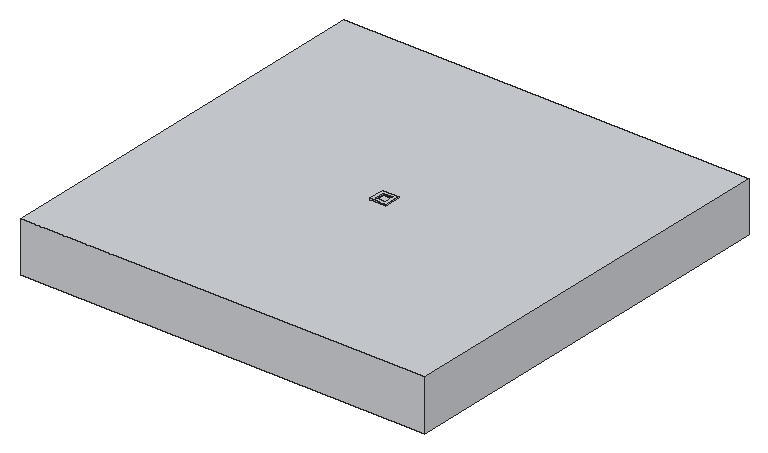
Revit family "Gira_0211112", category Elektroinstallationen, Revit 2017
Family settings
  Basisbauteil = Fläche
  Beschriftungsausrichtung beibehalten = Nein
  Bemaßung runder Anschluss = Durchmesser verwenden
  Teiletyp = Normal
  Beim Laden mit Abzugskörper schneiden = Nein
  Gemeinsam genutzt = Nein
  Raumberechnungspunkt = Nein
Parameters
  Werkstoffgüte = "Thermoplast"
  Werkstoff = "Kunststoff"
  URL = "https://www.gira.de/"
  Typname = "Abdeckrahmen 1f Flächenschalter Reinweiß"
  Transparent = no
  Textfeld/Beschriftungsfläche = no
  Schutzart (IP) = "IP20"
  RAL-Nummer (ähnlich) = 9010
  Produktseite = "http://katalog.gira.de/de_DE/datenblatt.html?artikelnr=0211112"
  Oberfläche = "sonstige"
  Montagerichtung = "horizontal und vertikal"
  Mit Montagerahmen = no
  Mit Klappdeckel = no
  Hersteller = "Gira"
  Halogenfrei = yes
  HAN = "0211112"
  Geeignet für Unterputz-Installation = yes
  Geeignet für Unterflurkanaldose = no
  Geeignet für Geräteeinbaukanal = no
  Geeignet für Einbauinstallation = no
  GTIN = "4010337043973"
  Farbe = "weiß"
  Datenblatt = "https://katalog.gira.de/de_DE/download.html?artikelnr=0211112"
  Beschreibung = "Abdeckrahmen Gira Flächenschalter Reinweiß glänzend 1fach Merkmale: - Bruchsicher.  Hinweise : - In Verbindung mit Dichtungsflansch auch für die Montage wassergeschützt Unterputz IP44 geeignet."
  Befestigungsart = "Klemmbefestigung"
  Bauelement = "Espr._Rahmen_1fach"
  Default Elevation = 1219.2 mm
  BIM = "https://media.stage.bim.site/public/gira/876eb45/Espr._Rahmen_1fach.rfa"
  Ausführung der Oberfläche = "glänzend"
  Anzahl der Einheiten vertikal = 1
  Anzahl der Einheiten horizontal = 1
  Anzahl der Einheiten = 1
Reference planes
  plane 1 "Center (Front/Back)": y = 0
  plane 2: z = 0
  plane 3 "Center (Left/Right)": x = 0
Forms (mm)
  Extrusion 1, solid
    sketch origin (0, 0, 0) x (1, 0, 0) y (0, 1, 0)
      loop
        line (-1219.2, 1219.2) -> (-1219.2, -1219.2) -> (1219.2, -1219.2) -> (1219.2, 1219.2) -> (-1219.2, 1219.2)
    from 0 to -304.8
  Extrusion 2, solid, detail levels fine
    sketch origin (0, 0, 0) x (1, 0, 0) y (0, 1, 0)
      loop
        line (-47.5, 47.5) -> (-47.5, -47.5) -> (47.5, -47.5) -> (47.5, 47.5) -> (-47.5, 47.5)
      loop
        arc (-28.2, -26.7) -> (-27.761, -27.761) -> (-26.7, -28.2) r 1.5
        line (-26.7, -28.2) -> (26.7, -28.2)
        arc (26.7, -28.2) -> (27.761, -27.761) -> (28.2, -26.7) r 1.5
        line (28.2, -26.7) -> (28.2, 26.7)
        arc (28.2, 26.7) -> (27.761, 27.761) -> (26.7, 28.2) r 1.5
        line (26.7, 28.2) -> (-26.7, 28.2)
        arc (-26.7, 28.2) -> (-27.761, 27.761) -> (-28.2, 26.7) r 1.5
        line (-28.2, 26.7) -> (-28.2, -26.7)
    from 0 to 6
  Extrusion 3, solid, detail levels fine
    sketch origin (0, 0, 0) x (1, 0, 0) y (0, 1, 0)
      loop
        line (-25.7, -25.7) -> (25.7, -25.7) -> (25.7, 25.7) -> (-25.7, 25.7) -> (-25.7, -25.7)
      loop
        arc (-43.1, -41.3) -> (-42.573, -42.573) -> (-41.3, -43.1) r 1.8
        line (-41.3, -43.1) -> (41.3, -43.1)
        arc (41.3, -43.1) -> (42.573, -42.573) -> (43.1, -41.3) r 1.8
        line (43.1, -41.3) -> (43.1, 41.3)
        arc (43.1, 41.3) -> (42.573, 42.573) -> (41.3, 43.1) r 1.8
        line (41.3, 43.1) -> (-41.3, 43.1)
        arc (-41.3, 43.1) -> (-42.573, 42.573) -> (-43.1, 41.3) r 1.8
        line (-43.1, 41.3) -> (-43.1, -41.3)
    from -1.9 to 0
  Extrusion 4, solid, detail levels fine
    sketch origin (0, 0, 0) x (1, 0, 0) y (0, 1, 0)
      loop
        arc (-41.4, 44.4) -> (-43.521, 43.521) -> (-44.4, 41.4) r 3
        line (-44.4, 41.4) -> (-44.4, -41.4)
        arc (-44.4, -41.4) -> (-43.521, -43.521) -> (-41.4, -44.4) r 3
        line (-41.4, -44.4) -> (41.4, -44.4)
        arc (41.4, -44.4) -> (43.521, -43.521) -> (44.4, -41.4) r 3
        line (44.4, -41.4) -> (44.4, 41.4)
        arc (44.4, 41.4) -> (43.521, 43.521) -> (41.4, 44.4) r 3
        line (41.4, 44.4) -> (-41.4, 44.4)
      loop
        line (-43.1, 41.3) -> (-43.1, -41.3)
        arc (-43.1, -41.3) -> (-42.573, -42.573) -> (-41.3, -43.1) r 1.8
        line (-41.3, -43.1) -> (41.3, -43.1)
        arc (41.3, -43.1) -> (42.573, -42.573) -> (43.1, -41.3) r 1.8
        line (43.1, -41.3) -> (43.1, 41.3)
        arc (43.1, 41.3) -> (42.573, 42.573) -> (41.3, 43.1) r 1.8
        line (41.3, 43.1) -> (-41.3, 43.1)
        arc (-41.3, 43.1) -> (-42.573, 42.573) -> (-43.1, 41.3) r 1.8
    from -3.7 to 0
  Extrusion 5, solid, detail levels medium
    sketch origin (0, 0, 0) x (1, 0, 0) y (0, 1, 0)
      loop
        line (-47.5, 47.5) -> (-47.5, -47.5) -> (47.5, -47.5) -> (47.5, 47.5) -> (-47.5, 47.5)
    from 0 to 6
  Extrusion 6, solid, detail levels medium
    sketch origin (0, 0, 0) x (1, 0, 0) y (0, 1, 0)
      loop
        line (-44.4, 44.4) -> (-44.4, -44.4) -> (44.4, -44.4) -> (44.4, 44.4) -> (-44.4, 44.4)
    from -3.7 to 0
  Extrusion 7, solid, detail levels coarse
    sketch origin (0, 0, 0) x (1, 0, 0) y (0, 1, 0)
      loop
        line (-47.5, 47.5) -> (-47.5, -47.5) -> (47.5, -47.5) -> (47.5, 47.5) -> (-47.5, 47.5)
    from -3.7 to 6
Dimensions and locks
  aligned and locked: plane 2 to Extrusion 1
  aligned and locked: level to Extrusion 1
